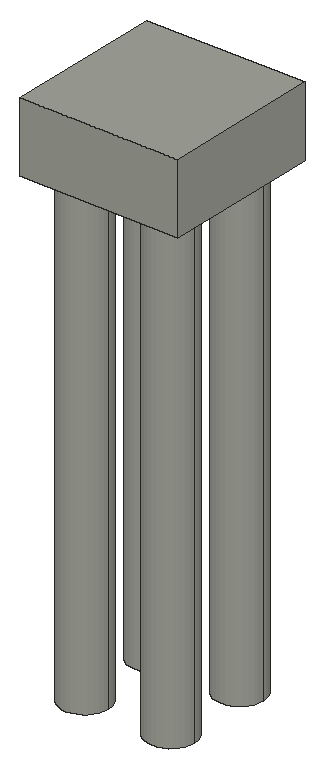
Revit family "Bloco_4_Estacas", category Structural Foundations, Revit 2025
Family settings
  Material for Model Behavior = Concrete
  Cap = No
  OmniClass Number = 23.25.05.11
  OmniClass Title = Foundation Piles
  Work Plane-Based = No
  Always vertical = Yes
  Cut with Voids When Loaded = No
  Shared = No
  Show family pre-cut in plan views = Yes
Parameters (values of type "79"x79"x35"")
  Width = 2.0066 m
  Structural Material [instance] = CT_Concreto
  Pile Type = Estaca : Estaca_60
  Length = 2.0066 m
  Foundation Thickness = 0.889 m
  Cut-off = 0.1524 m
  Clearance = 0.4572 m
  Assembly Code = "A1010130"
Reference planes (m)
  plane 1 "Center (Front/Back)": y = 0
  plane 2: z = 0
  plane 3 "Center (Left/Right)": x = 0
  plane 4: z = -0.889
  plane 5: y = 1.0033
  plane 6: x = -1.0033
  plane 7: x = 1.0033
  plane 8: y = -0.5461
  plane 9: z = -0.7366
  plane 10: x = -0.5461
  plane 11: x = 0.5461
  plane 12: y = 0.5461
  plane 13: y = -1.0033
Forms (m)
  Extrusion 1, solid, material "CT_Concreto" <- "Structural Material"
    sketch origin (0, 0, 0) x (1, 0, 0) y (0, 1, 0)
      loop
        line (-1.0033, 1.0033) -> (-1.0033, -1.0033) -> (1.0033, -1.0033) -> (1.0033, 1.0033) -> (-1.0033, 1.0033)
    from -0.889 to 0
Dimensions and locks (m)
  "Foundation Thickness": plane 2 to plane 4
  equal spacing: plane 6, plane 3 "Center (Left/Right)", plane 7  (x2)
  "Width": plane 6 to plane 7
  "Cut-off": plane 4 to plane 9
  "Clearance": plane 6 to plane 10
  "Clearance": plane 11 to plane 7
  "Clearance": plane 12 to plane 5
  "Clearance": plane 13 to plane 8
  "Length": plane 5 to plane 13
  equal spacing: plane 5, plane 1 "Center (Front/Back)", plane 13
  aligned and locked: plane 4 to Extrusion 1
  aligned and locked: level to Extrusion 1
  aligned and locked: plane 12 to nested 1
  aligned and locked: plane 10 to nested 2
  aligned and locked: plane 8 to nested 2
  aligned and locked: plane 11 to nested 3
  aligned and locked: plane 6 to Extrusion 1 sketch curve
  aligned and locked: plane 5 to Extrusion 1 sketch curve
  aligned and locked: plane 13 to Extrusion 1 sketch curve
  aligned and locked: plane 7 to Extrusion 1 sketch curve
  aligned and locked: plane 12 to nested 4
  aligned and locked: plane 10 to nested 1
  aligned and locked: plane 8 to nested 3
  aligned and locked: plane 11 to nested 4
  aligned and locked: plane 9 to nested 1
  aligned and locked: plane 9 to nested 4
Nested families (m)
  nested 1: "Estaca" at (-0.5461, 0.5461, -0.8886), type <- "Pile Type", type "Estaca_60"
    with Structural Material CT_Concreto
  nested 2: "Estaca" at (-0.5461, -0.5461, -0.889), type <- "Pile Type", type "Estaca_60"
    with Structural Material CT_Concreto
  nested 3: "Estaca" at (0.5461, -0.5461, -0.889), type <- "Pile Type", type "Estaca_60"
    with Structural Material CT_Concreto
  nested 4: "Estaca" at (0.5461, 0.5461, -0.8886), type <- "Pile Type", type "Estaca_60"
    with Structural Material CT_Concreto
Definition of nested family "Estaca"
  Parameters (values of type "Estaca_60")
    Structural Material [instance] = none
    Estaca_Raio = Estaca_Diâmetro / 2  # 0.300 m
    Estaca_Embutimento_Mínimo = 0.152 m
    Estaca_Profundidade = 6.000 m
    Estaca_Diâmetro = 0.600 m
    Assembly Code = "A1020130"
  Reference planes (m)
    plane 1 "Center (Front/Back)": y = 0
    plane 2: z = 0
    plane 3 "Center (Left/Right)": x = 0
    plane 4: z = -6
    plane 5: z = 0.152
  Forms (m)
    Extrusion 1, solid, material <- "Structural Material"
      sketch origin (0, 0, 0) x (1, 0, 0) y (0, 1, 0)
        loop
          circle (0, 0) r 0.3
      from -6 to 0.152
  Dimensions and locks (m)
    "Estaca_Profundidade": plane 2 to plane 4
    "Estaca_Embutimento_Mínimo": plane 5 to plane 2
    "Estaca_Raio": radius of Extrusion 1 sketch curve
    aligned and locked: Extrusion 1 to plane 4
    aligned and locked: Extrusion 1 to plane 5
  Automatic sketch dimensions
    plane 1 "Center (Front/Back)" to Extrusion 1 sketch curve = 0.000 m
    Extrusion 1 sketch curve to plane 3 "Center (Left/Right)" = 0.000 m
